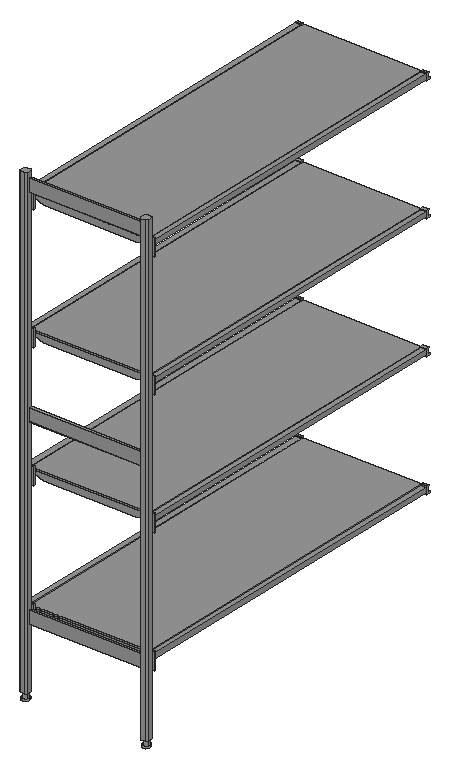
Revit family "QF_ZANUSSI_137076_CLS1272", category Attrezzature speciali, Revit 2020
Family settings
  Quota connettore circolare = Usa diametro
  Tipo di parte = Normale
  Basato su piano di lavoro = No
  Sempre verticale = Sì
  Taglio con vuoti quando caricato = No
  Condiviso = No
  Punto di calcolo locali = No
Parameters (values of type "Standard")
  Weight = 22.00 kg
  Watts = 0 W
  Volts = 0 V
  URL Manufacturer = "http://www.zanussiprofessional.com"
  URL = "http://www.zanussiprofessional.com"
  Steam Supply Size = 0 mm
  Steam Supply Minimum Pressure = 0.0 Pa
  Steam Supply Maximum Pressure = 0.0 Pa
  Steam Consumption per Hour = 0
  Refrigeration Suction Line Size = 0.0 mm
  Refrigeration Liquid Line Size = 0.0 mm
  Refrigerant Compressor Remote = yes
  Prospetto di default = 0.0 mm
  Phase = 0
  Modello = "CLS1272"
  Produttore = "Zanussi"
  Length Actual = 1276.0 mm  # constant formula
  Item Number = "137076"
  Hot Water Size = 0 mm
  Height Actual = 1700.0 mm  # constant formula
  HP = "0 HP"
  Gas Size = 0 mm
  Gas KW = 0
  Gas Input Pressure = 0 W
  Direct Waste Size = 0 mm
  Descrizione = "ALUM.CORNER SHELV.-POLY.TIERS-475X1276MM"
  Depth Actual = 475.0 mm  # constant formula
  Cycle = 0 Hz
  Condensate Return Size = 0 mm
  Compressed Air Volume = 0.0 L/s
  Compressed Air Size = 0 mm
  Compressed Air Pressure = 0.0 Pa
  Cold Water Size = 0 mm
  Accessory = yes
Reference planes
  plane 1: z = 0
  plane 2 "Center (F/B)": y = -163.5
  plane 3 "Front": y = -549.5
  plane 4 "Left": x = -217.5
  plane 5 "Right": x = 257.5
  plane 6 "TOP": z = 1700
  plane 7: y = -517.5
  plane 8: y = 722.5
  plane 9 "Center (Left/Right)": x = 20
  plane 10: y = 717.5
  plane 11: x = -186
  plane 12: x = 226
  plane 13 "FEET": z = 25
  plane 14: z = 275
  plane 15: z = 725
  plane 16: z = 1175
  plane 17: z = 1625
  plane 18 "CXLeft": y = -535.5
  plane 19: x = -200
  plane 20 "CYBack": x = -200
  plane 21 "CYFront": x = 138
  plane 22 "Back": y = 726.5
  plane 23 "LEFT_ORIGIN": x = -251.5
  plane 24 "BACK_Origin": y = 1201.5
Forms (mm)
  Extrusion 1, solid, material "QF_Aluminum"
    sketch origin (0, -549.5, 0) x (-1, 0, 0) y (0, 0, 1)
      loop
        line (198.5, 1650.994) -> (198.5, 1632.998) -> (217.5, 1632.998) -> (217.5, 1650.994) -> (198.5, 1650.994)
      loop
        line (-238.5, 1650.994) -> (-257.5, 1650.994) -> (-257.5, 1632.998) -> (-238.5, 1632.998) -> (-238.5, 1650.994)
      loop
        line (198.5, 1200.994) -> (198.5, 1182.998) -> (217.5, 1182.998) -> (217.5, 1200.994) -> (198.5, 1200.994)
      loop
        line (-238.522, 1200.994) -> (-257.5, 1200.994) -> (-257.5, 1182.998) -> (-238.522, 1182.998) -> (-238.522, 1200.994)
      loop
        line (198.5, 750.994) -> (198.5, 732.998) -> (217.5, 732.998) -> (217.5, 750.994) -> (198.5, 750.994)
      loop
        line (-238.522, 750.994) -> (-257.5, 750.994) -> (-257.5, 732.998) -> (-238.522, 732.998) -> (-238.522, 750.994)
      loop
        line (198.5, 300.994) -> (198.5, 282.998) -> (217.5, 282.998) -> (217.5, 300.994) -> (198.5, 300.994)
      loop
        line (-238.522, 300.994) -> (-257.5, 300.994) -> (-257.5, 282.998) -> (-238.522, 282.998) -> (-238.522, 300.994)
    from 32 to 1272
  Extrusion 2, solid, material "QF_Polyethylene"
    sketch origin (0, -549.5, 0) x (-1, 0, 0) y (0, 0, 1)
      loop
        line (196.507, 1650.994) -> (-236.522, 1650.994) -> (-236.522, 1644.496) -> (196.507, 1644.496) -> (196.507, 1650.994)
      loop
        line (196.507, 1200.994) -> (-236.522, 1200.994) -> (-236.522, 1194.496) -> (196.507, 1194.496) -> (196.507, 1200.994)
      loop
        line (196.507, 750.994) -> (-236.522, 750.994) -> (-236.522, 744.496) -> (196.507, 744.496) -> (196.507, 750.994)
      loop
        line (196.507, 300.994) -> (-236.522, 300.994) -> (-236.522, 294.496) -> (196.507, 294.496) -> (196.507, 300.994)
    from 32 to 1272
Lines and regions (mm)
  symbolic lines
    curve 1: line (-198.5, 722.5, 1700) -> (-198.5, -517.5, 1700)
    curve 2: line (-217.5, -521.5, 1700) -> (-217.5, 722.5, 1700)
    curve 3: line (257.5, -521.5, 1700) -> (257.5, 722.5, 1700)
    curve 4: line (-181.507, -517.5, 1700) -> (221.507, -517.5, 1700)
    curve 5: line (238.522, -517.5, 1700) -> (238.522, 722.5, 1700)
    curve 6: line (-198.5, 722.5, 1700) -> (238.522, 722.5, 1700)
Dimensions and locks
  plane 3 "Front" to plane 2 "Center (F/B)" = 386.0 mm
  locked: plane 6 "TOP" to level at 1700
  locked: plane 4 "Left" to plane 5 "Right" at 475
  locked: plane 7 to plane 8 at 1240
  locked: plane 3 "Front" to plane 7 at 32
  plane 10 to plane 8 = 5.0 mm
  locked: plane 11 to plane 12 at 412
  equal spacing: plane 11, plane 9 "Center (Left/Right)", plane 12
  equal spacing: plane 4 "Left", plane 9 "Center (Left/Right)", plane 5 "Right"
  plane 13 "FEET" to level = 25.0 mm
  plane 6 "TOP" to plane 13 "FEET" = 1675.0 mm
  plane 14 to plane 13 "FEET" = 250.0 mm
  plane 15 to plane 14 = 450.0 mm
  plane 16 to plane 15 = 450.0 mm
  plane 17 to plane 16 = 450.0 mm
  locked: plane 3 "Front" to plane 18 "CXLeft" at 14
  locked: plane 3 "Front" to plane 22 "Back" at 1276
  plane 23 "LEFT_ORIGIN" to plane 5 "Right" = 509.0 mm
  locked: plane 22 "Back" to plane 24 "BACK_Origin" at 475
  aligned and locked: level to plane 1
  aligned and locked: Extrusion 2 to plane 7
  aligned and locked: plane 8 to Extrusion 2
  aligned and locked: Extrusion 1 to plane 7
  aligned and locked: plane 8 to Extrusion 1
  aligned and locked: Extrusion 1 sketch curve to Extrusion 1 sketch curve  (x2)
  aligned and locked: plane 18 "CXLeft" to nested 1
  aligned and locked: nested 2 to plane 10
Automatic sketch dimensions
  curve 2 to plane 4 "Left" = 0.0 mm
  curve 3 to plane 5 "Right" = 0.0 mm
  plane 7 to curve 1 = 0.0 mm
  plane 7 to curve 4 = 0.0 mm
  plane 7 to curve 5 = 0.0 mm
  plane 8 to curve 2 = 0.0 mm
  plane 8 to curve 1 = 0.0 mm
  plane 8 to curve 3 = 0.0 mm
  curve 5 to plane 21 "CYFront" = 100.522 mm
  plane 19 to curve 6 = 1.5 mm
  plane 7 to curve 3 = 4.0 mm
  plane 7 to curve 2 = 4.0 mm
  plane 12 to curve 4 = 4.493 mm
  curve 4 to plane 11 = 4.493 mm
  plane 5 "Right" to Extrusion 1 sketch curve = 0.0 mm  (x4)
  plane 4 "Left" to Extrusion 1 sketch curve = 0.0 mm  (x4)
  Extrusion 1 sketch curve to plane 21 "CYFront" = 100.522 mm
  Extrusion 1 sketch curve to plane 21 "CYFront" = 100.5 mm
  plane 19 to Extrusion 1 sketch curve = 1.5 mm  (x4)
  plane 14 to Extrusion 1 sketch curve = 7.998 mm  (x2)
  Extrusion 1 sketch curve to Extrusion 1 sketch curve = 17.997 mm  (x8)
  plane 15 to Extrusion 1 sketch curve = 7.998 mm  (x2)
  plane 16 to Extrusion 1 sketch curve = 7.998 mm  (x2)
  plane 17 to Extrusion 1 sketch curve = 7.998 mm  (x2)
  Extrusion 2 sketch curve to plane 21 "CYFront" = 98.522 mm  (x4)
  plane 19 to Extrusion 2 sketch curve = 3.493 mm  (x4)
  plane 14 to Extrusion 2 sketch curve = 19.496 mm
  Extrusion 2 sketch curve to Extrusion 2 sketch curve = 6.499 mm  (x4)
  plane 15 to Extrusion 2 sketch curve = 19.496 mm
  plane 16 to Extrusion 2 sketch curve = 19.496 mm
  plane 17 to Extrusion 2 sketch curve = 19.496 mm
Nested families
  nested 1: "WT_Anta475" at (-194.5, -132.5, 0) x (0, 1, 0) z (0, 0, 1), type "WT_Anta475"
  nested 2: "WT_Aggancio475" at (-194.5, 1134.5, 0) x (0, 1, 0) z (0, 0, 1), type "WT_Aggancio475"
Definition of nested family "WT_Anta475"
  Parameters
    WidthLeft = A + 64.0 mm  # 772.0 mm
    Width = 1606.0 mm
    Right = WidthLeft / 2  # 386.0 mm
    Default Elevation = 0.0 mm
    Left = -WidthLeft / 2  # -386.0 mm
    Height = 1725.0 mm
    FEET = 25.0 mm
    E = 0.0 mm
    Dint = Depth - 63.0 mm  # 412.0 mm
    Dext = Depth - 8.0 mm  # 467.0 mm
    Depth = 475.0 mm
    DX = (WidthLeft - A) / 2  # 32.0 mm
    B = 798.0 mm
    A = 708.0 mm
  Reference planes
    plane 1: z = 0
    plane 2 "LEFT": x = -417
    plane 3 "BACK": y = 23
    plane 4 "FRONT": y = -452
    plane 5 "TOP": z = 1725
    plane 6 "Center (Front/Back)": y = -214.5
    plane 7: y = -8.5
    plane 8: y = -420.5
    plane 9 "FEET": z = 25
    plane 10: z = 275
    plane 11: z = 725
    plane 12: z = 1175
    plane 13: z = 1625
    plane 14 "CXLeft": x = -403
    plane 15: y = 5.5
    plane 16 "CYBack": y = 5.5
    plane 17 "CYFront": y = -434.5
    plane 18: x = -385.031
    plane 19: x = -380.031
  Forms (mm)
    Extrusion 1, solid
      sketch origin (0, 0, 0) x (1, 0, 0) y (0, 1, 0)
        loop
          line (-417, 13.246) -> (-417, -2.246) -> (-410.746, -8.5) -> (-395.254, -8.5) -> (-389, -2.246) -> (-389, 13.246) -> (-395.254, 19.5) -> (-410.746, 19.5) -> (-417, 13.246)
      from 1725 to 25
    Extrusion 2, solid
      sketch origin (-417, 0, 0) x (0, 1, 0) y (0, 0, 1)
        loop
          line (23, 246.005) -> (23, 307.993) -> (-12.993, 307.993) -> (-12.993, 246.005) -> (23, 246.005)
        loop
          line (-452, 246.005) -> (-416.007, 246.005) -> (-416.007, 307.993) -> (-452, 307.993) -> (-452, 246.005)
        loop
          line (23, 696.005) -> (23, 757.993) -> (-12.993, 757.993) -> (-12.993, 696.005) -> (23, 696.005)
        loop
          line (-452, 696.005) -> (-416.007, 696.005) -> (-416.007, 757.993) -> (-452, 757.993) -> (-452, 696.005)
        loop
          line (23, 1146.005) -> (23, 1207.993) -> (-12.993, 1207.993) -> (-12.993, 1146.005) -> (23, 1146.005)
        loop
          line (-452, 1146.005) -> (-416.007, 1146.005) -> (-416.007, 1207.993) -> (-452, 1207.993) -> (-452, 1146.005)
        loop
          line (23, 1596.005) -> (23, 1657.993) -> (-12.993, 1657.993) -> (-12.993, 1596.005) -> (23, 1596.005)
        loop
          line (-452, 1596.005) -> (-416.007, 1596.005) -> (-416.007, 1657.993) -> (-452, 1657.993) -> (-452, 1596.005)
      from 28 to 32
    Revolve 3, solid
      sketch origin (-403, 0, 0) x (0, 1, 0) y (0, 0, 1)
        loop
          line (5.5, 25) -> (5.5, 0) -> (19, 0) -> (19, 5) -> (14, 5) -> (14, 25) -> (5.5, 25)
        axis (5.5, 25) -> (5.5, 0)
      angle from 0 to 360
    Extrusion 4, solid
      sketch origin (-403, 0, 0) x (0, 1, 0) y (0, 0, 1)
        loop
          line (-8.5, 912.382) -> (-8.5, 957.374) -> (-420.5, 957.374) -> (-420.5, 912.382) -> (-8.5, 912.382)
        loop
          line (-8.5, 1662.244) -> (-8.5, 1707.236) -> (-420.5, 1707.236) -> (-420.5, 1662.244) -> (-8.5, 1662.244)
      from -5 to 5
    Revolve 5, solid
      sketch origin (-403, -627, 0) x (0, -1, 0) y (0, 0, 1)
        loop
          line (-192.5, 25) -> (-192.5, 0) -> (-179, 0) -> (-179, 5) -> (-184, 5) -> (-184, 25) -> (-192.5, 25)
        axis (-192.5, 25) -> (-192.5, 0)
      angle from 0 to 360
    Extrusion 6, solid
      sketch origin (0, -627, 0) x (1, 0, 0) y (0, 1, 0)
        loop
          line (-417, 184.754) -> (-410.746, 178.5) -> (-395.254, 178.5) -> (-389, 184.754) -> (-389, 200.246) -> (-395.254, 206.5) -> (-410.746, 206.5) -> (-417, 200.246) -> (-417, 184.754)
      from 1725 to 25
    Extrusion 7, solid
      sketch origin (-417.031, -0.022, 0) x (0, 1, 0) y (0, 0, -1)
        loop
          line (-12, -1632.998) -> (-46, -1620.994) -> (-383, -1620.994) -> (-417, -1632.998) -> (-433, -1632.998) -> (-433, -1650.994) -> (-431, -1650.994) -> (-431, -1644.496) -> (2.007, -1644.496) -> (2.007, -1650.994) -> (4, -1650.994) -> (4, -1632.998) -> (-12, -1632.998)
        loop
          line (-12, -1182.998) -> (-46, -1170.994) -> (-383, -1170.994) -> (-417, -1182.998) -> (-433, -1182.998) -> (-433, -1200.994) -> (-431, -1200.994) -> (-431, -1194.496) -> (2.007, -1194.496) -> (2.007, -1200.994) -> (4, -1200.994) -> (4, -1182.998) -> (-12, -1182.998)
        loop
          line (-12, -732.998) -> (-46, -720.994) -> (-383, -720.994) -> (-417, -732.998) -> (-433, -732.998) -> (-433, -750.994) -> (-431, -750.994) -> (-431, -744.496) -> (2.007, -744.496) -> (2.007, -750.994) -> (4, -750.994) -> (4, -732.998) -> (-12, -732.998)
        loop
          line (-12, -282.998) -> (-46, -270.994) -> (-383, -270.994) -> (-417, -282.998) -> (-433, -282.998) -> (-433, -300.994) -> (-431, -300.994) -> (-431, -294.496) -> (2.007, -294.496) -> (2.007, -300.994) -> (4, -300.994) -> (4, -282.998) -> (-12, -282.998)
      from -32 to -37
    Extrusion 8, solid
      sketch origin (-403, 0, -659.878) x (0, 1, 0) y (0, 0, 1)
        loop
          line (-8.5, 912.382) -> (-8.5, 957.374) -> (-420.5, 957.374) -> (-420.5, 912.382) -> (-8.5, 912.382)
        loop
          line (-8.5, 1572.382) -> (-8.5, 1617.374) -> (-420.5, 1617.374) -> (-420.5, 1572.382) -> (-8.5, 1572.382)
        loop
          line (-8.5, 2322.382) -> (-8.5, 2367.374) -> (-420.5, 2367.374) -> (-420.5, 2322.382) -> (-8.5, 2322.382)
      from -5 to 5
  Lines and regions (mm)
    symbolic lines
      curve 1: line (-408, -8.5, 1725) -> (-408, -420.5, 1725)
      curve 2: line (-398, -420.5, 1725) -> (-398, -8.5, 1725)
      curve 3: line (-395.254, -8.5, 1725) -> (-410.746, -8.5, 1725)
      curve 4: line (-417, -2.246, 1725) -> (-410.746, -8.5, 1725)
      curve 5: line (-417, 13.246, 1725) -> (-417, -2.246, 1725)
      curve 6: line (-410.746, 19.5, 1725) -> (-417, 13.246, 1725)
      curve 7: line (-395.254, 19.5, 1725) -> (-410.746, 19.5, 1725)
      curve 8: line (-389, 13.246, 1725) -> (-395.254, 19.5, 1725)
      curve 9: line (-395.254, -8.5, 1725) -> (-389, -2.246, 1725)
      curve 10: line (-395.254, -420.5, 1725) -> (-410.746, -420.5, 1725)
      curve 11: line (-417, -426.754, 1725) -> (-410.746, -420.5, 1725)
      curve 12: line (-410.746, -448.5, 1725) -> (-417, -442.246, 1725)
      curve 13: line (-395.254, -448.5, 1725) -> (-410.746, -448.5, 1725)
      curve 14: line (-389, -442.246, 1725) -> (-395.254, -448.5, 1725)
      curve 15: line (-395.254, -420.5, 1725) -> (-389, -426.754, 1725)
      curve 16: line (-389, -452, 1725) -> (-389, -416.007, 1725)
      curve 17: line (-389, -416.007, 1725) -> (-385, -416.007, 1725)
      curve 18: line (-389, 23, 1725) -> (-389, -12.993, 1725)
      curve 19: line (-389, -12.993, 1725) -> (-385, -12.993, 1725)
      curve 20: line (-417, -426.754, 1725) -> (-417, -442.246, 1725)
      curve 21: line (-385, -452, 1725) -> (-385, -416.007, 1725)
      curve 22: line (-385, -452, 1725) -> (-389, -452, 1725)
      curve 23: line (-385, 23, 1725) -> (-389, 23, 1725)
      curve 24: line (-385, -12.993, 1725) -> (-385, 23, 1725)
      curve 25: line (-385.031, -13.016, 1725) -> (-385.031, -416.029, 1725)
  Dimensions and locks
    "Height": plane 5 "TOP" to level
    "Depth": plane 3 "BACK" to plane 4 "FRONT"
    "Dint": plane 7 to plane 8
    equal spacing: plane 7, plane 6 "Center (Front/Back)", plane 8
    equal spacing: plane 3 "BACK", plane 6 "Center (Front/Back)", plane 4 "FRONT"
    plane 9 "FEET" to level = 25.0 mm
    plane 5 "TOP" to plane 9 "FEET" = 1700.0 mm
    plane 10 to plane 9 "FEET" = 250.0 mm
    plane 11 to plane 10 = 450.0 mm
    plane 12 to plane 11 = 450.0 mm
    plane 13 to plane 12 = 450.0 mm
    locked: plane 2 "LEFT" to plane 14 "CXLeft" at 14
    locked: plane 3 "BACK" to plane 16 "CYBack" at 17.5
    locked: plane 17 "CYFront" to plane 4 "FRONT" at 17.5
    locked: Revolve 3 sketch curve to Revolve 3 sketch curve at 8.5
    locked: Revolve 3 sketch curve to plane 16 "CYBack" at 13.5
    locked: Revolve 5 sketch curve to Revolve 5 sketch curve at 8.5
    aligned and locked: level to plane 1
    aligned and locked: curve 20 to Extrusion 6
    aligned and locked: plane 5 "TOP" to Extrusion 1
    aligned and locked: plane 5 "TOP" to Extrusion 6
    aligned and locked: Extrusion 7 sketch curve to Extrusion 7 sketch curve  (x3)
  Automatic sketch dimensions
    curve 16 to plane 4 "FRONT" = 0.0 mm
    curve 11 to plane 8 = 0.0 mm
    curve 9 to plane 7 = 0.0 mm
    curve 5 to plane 2 "LEFT" = 0.0 mm
    curve 23 to plane 3 "BACK" = 0.0 mm
    plane 4 "FRONT" to curve 13 = 3.5 mm
    curve 20 to plane 17 "CYFront" = 7.746 mm
    curve 20 to plane 8 = 6.254 mm
    plane 8 to curve 16 = 4.493 mm
    curve 24 to plane 18 = 0.031 mm
    curve 24 to plane 7 = 4.493 mm
    plane 7 to curve 5 = 6.254 mm
    curve 5 to plane 15 = 7.746 mm
    curve 6 to plane 3 "BACK" = 3.5 mm
    curve 21 to plane 18 = 0.031 mm
    plane 18 to curve 23 = 3.969 mm
    plane 18 to curve 16 = 3.969 mm
    curve 18 to curve 8 = 6.254 mm
    curve 18 to curve 3 = 6.254 mm
    curve 16 to curve 13 = 6.254 mm
    curve 16 to curve 15 = 6.254 mm
    plane 2 "LEFT" to curve 10 = 6.254 mm
    plane 2 "LEFT" to curve 7 = 6.254 mm
    plane 2 "LEFT" to curve 12 = 6.254 mm
    plane 2 "LEFT" to curve 3 = 6.254 mm
    curve 14 to plane 17 "CYFront" = 7.746 mm
    curve 15 to plane 8 = 6.254 mm
    plane 7 to curve 9 = 6.254 mm
    curve 8 to plane 15 = 7.746 mm
    curve 3 to curve 2 = 2.746 mm
    curve 1 to curve 10 = 2.746 mm
    Extrusion 1 sketch curve to plane 2 "LEFT" = 0.0 mm
    Extrusion 1 sketch curve to plane 7 = 0.0 mm
    plane 2 "LEFT" to Extrusion 1 sketch curve = 6.254 mm  (x2)
    plane 14 "CXLeft" to Extrusion 1 sketch curve = 7.746 mm  (x2)
    Extrusion 1 sketch curve to plane 3 "BACK" = 3.5 mm
    plane 18 to Extrusion 1 sketch curve = 3.969 mm
    plane 7 to Extrusion 1 sketch curve = 6.254 mm  (x2)
    Extrusion 1 sketch curve to plane 15 = 7.746 mm  (x2)
    Extrusion 2 sketch curve to plane 4 "FRONT" = 0.0 mm  (x4)
    Extrusion 2 sketch curve to plane 3 "BACK" = 0.0 mm  (x4)
    plane 8 to Extrusion 2 sketch curve = 4.493 mm  (x4)
    Extrusion 2 sketch curve to plane 7 = 4.493 mm  (x4)
    Extrusion 2 sketch curve to plane 10 = 28.995 mm  (x2)
    plane 10 to Extrusion 2 sketch curve = 32.993 mm  (x2)
    Extrusion 2 sketch curve to plane 11 = 28.995 mm  (x2)
    plane 11 to Extrusion 2 sketch curve = 32.993 mm  (x2)
    Extrusion 2 sketch curve to plane 12 = 28.995 mm  (x2)
    plane 12 to Extrusion 2 sketch curve = 32.993 mm  (x2)
    Extrusion 2 sketch curve to plane 13 = 28.995 mm  (x2)
    plane 13 to Extrusion 2 sketch curve = 32.993 mm  (x2)
    Revolve 3 sketch curve to plane 9 "FEET" = 0.0 mm  (x2)
    Revolve 3 sketch curve to plane 15 = 0.0 mm  (x2)
    Revolve 3 sketch curve to level = 0.0 mm
    level to Revolve 3 sketch curve = 5.0 mm
    Revolve 3 sketch curve to Revolve 3 sketch curve = 11.655 mm
    Extrusion 4 sketch curve to plane 8 = 0.0 mm  (x2)
    Extrusion 4 sketch curve to plane 7 = 0.0 mm  (x2)
    plane 11 to Extrusion 4 sketch curve = 187.382 mm
    Extrusion 4 sketch curve to Extrusion 4 sketch curve = 44.992 mm
    plane 13 to Extrusion 4 sketch curve = 37.244 mm
    Extrusion 4 sketch curve to plane 5 "TOP" = 17.764 mm
    Revolve 5 sketch curve to plane 9 "FEET" = 0.0 mm  (x2)
    Revolve 5 sketch curve to plane 17 "CYFront" = 0.0 mm  (x2)
    Revolve 5 sketch curve to level = 0.0 mm
    Revolve 5 sketch curve to plane 4 "FRONT" = 4.0 mm
    Revolve 5 sketch curve to Revolve 5 sketch curve = 5.0 mm
    level to Revolve 5 sketch curve = 11.655 mm
    Extrusion 6 sketch curve to plane 2 "LEFT" = 0.0 mm
    Extrusion 6 sketch curve to plane 8 = 0.0 mm
    Extrusion 6 sketch curve to plane 2 "LEFT" = 6.254 mm  (x2)
    Extrusion 6 sketch curve to plane 14 "CXLeft" = 7.746 mm  (x2)
    Extrusion 6 sketch curve to plane 4 "FRONT" = 3.5 mm
    Extrusion 6 sketch curve to plane 18 = 3.969 mm
    plane 8 to Extrusion 6 sketch curve = 6.254 mm  (x2)
    plane 17 "CYFront" to Extrusion 6 sketch curve = 7.746 mm  (x2)
    plane 17 "CYFront" to Extrusion 7 sketch curve = 1.478 mm  (x4)
    Extrusion 7 sketch curve to Extrusion 7 sketch curve = 2.0 mm
    plane 8 to Extrusion 7 sketch curve = 3.478 mm  (x4)
    Extrusion 7 sketch curve to plane 10 = 4.006 mm
    Extrusion 7 sketch curve to Extrusion 7 sketch curve = 34.0 mm  (x4)
    Extrusion 7 sketch curve to plane 11 = 4.006 mm
    Extrusion 7 sketch curve to plane 12 = 4.006 mm
    Extrusion 7 sketch curve to plane 13 = 4.006 mm
    Extrusion 7 sketch curve to plane 7 = 37.522 mm  (x4)
    Extrusion 7 sketch curve to plane 7 = 3.522 mm  (x4)
    plane 15 to Extrusion 7 sketch curve = 3.516 mm  (x4)
    plane 15 to Extrusion 7 sketch curve = 1.522 mm  (x4)
    plane 13 to Extrusion 7 sketch curve = 7.998 mm  (x2)
    Extrusion 7 sketch curve to Extrusion 7 sketch curve = 11.498 mm
    Extrusion 7 sketch curve to Extrusion 7 sketch curve = 6.499 mm  (x5)
    plane 12 to Extrusion 7 sketch curve = 25.994 mm  (x2)
    plane 12 to Extrusion 7 sketch curve = 7.998 mm  (x2)
    plane 11 to Extrusion 7 sketch curve = 25.994 mm  (x2)
    plane 11 to Extrusion 7 sketch curve = 7.998 mm  (x2)
    plane 10 to Extrusion 7 sketch curve = 25.994 mm  (x2)
    plane 10 to Extrusion 7 sketch curve = 7.998 mm  (x2)
    curve 25 to plane 18 = 0.0 mm
    plane 8 to curve 25 = 4.471 mm
    curve 25 to plane 7 = 4.516 mm
    Extrusion 8 sketch curve to plane 8 = 0.0 mm  (x3)
    Extrusion 8 sketch curve to plane 7 = 0.0 mm  (x3)
    Extrusion 8 sketch curve to plane 10 = 22.496 mm
    plane 10 to Extrusion 8 sketch curve = 22.496 mm
    plane 11 to Extrusion 8 sketch curve = 187.504 mm
    Extrusion 8 sketch curve to Extrusion 8 sketch curve = 44.992 mm
    plane 13 to Extrusion 8 sketch curve = 37.504 mm
    Extrusion 8 sketch curve to plane 5 "TOP" = 17.504 mm
Definition of nested family "WT_Aggancio475"
  Parameters
    WidthLeft = A + 64.0 mm  # 772.0 mm
    Width = 1606.0 mm
    Right = WidthLeft / 2  # 386.0 mm
    Default Elevation = 0.0 mm
    Left = -WidthLeft / 2  # -386.0 mm
    Height = 1725.0 mm
    FEET = 25.0 mm
    E = 0.0 mm
    Dint = Depth - 63.0 mm  # 412.0 mm
    Dext = Depth - 8.0 mm  # 467.0 mm
    Depth = 475.0 mm
    DX = (WidthLeft - A) / 2  # 32.0 mm
    B = 798.0 mm
    A = 708.0 mm
  Reference planes
    plane 1: z = 0
    plane 2 "LEFT": x = -417
    plane 3 "BACK": y = 23
    plane 4 "FRONT": y = -452
    plane 5 "TOP": z = 1725
    plane 6 "Center (Front/Back)": y = -214.5
    plane 7: y = -8.5
    plane 8: y = -420.5
    plane 9 "FEET": z = 25
    plane 10: z = 275
    plane 11: z = 725
    plane 12: z = 1175
    plane 13: z = 1625
    plane 14: y = 5.5
    plane 15 "CYBack": y = 5.5
    plane 16 "CYFront": y = -434.5
  Forms (mm)
    Extrusion 1, solid
      sketch origin (-380, -0.022, 0) x (0, 1, 0) y (0, 0, 1)
        loop
          line (-12, 1632.998) -> (4, 1632.998) -> (4, 1650.994) -> (2.007, 1650.994) -> (2.007, 1644.496) -> (-431, 1644.496) -> (-431, 1650.994) -> (-433, 1650.994) -> (-433, 1632.998) -> (-417, 1632.998) -> (-383, 1620.994) -> (-46, 1620.994) -> (-12, 1632.998)
        loop
          line (-12, 1182.998) -> (4, 1182.998) -> (4, 1200.994) -> (2.007, 1200.994) -> (2.007, 1194.496) -> (-431, 1194.496) -> (-431, 1200.994) -> (-433, 1200.994) -> (-433, 1182.998) -> (-417, 1182.998) -> (-383, 1170.994) -> (-46, 1170.994) -> (-12, 1182.998)
        loop
          line (-12, 732.998) -> (4, 732.998) -> (4, 750.994) -> (2.007, 750.994) -> (2.007, 744.496) -> (-431, 744.496) -> (-431, 750.994) -> (-433, 750.994) -> (-433, 732.998) -> (-417, 732.998) -> (-383, 720.994) -> (-46, 720.994) -> (-12, 732.998)
        loop
          line (-12, 282.998) -> (4, 282.998) -> (4, 300.994) -> (2.007, 300.994) -> (2.007, 294.496) -> (-431, 294.496) -> (-431, 300.994) -> (-433, 300.994) -> (-433, 282.998) -> (-417, 282.998) -> (-383, 270.994) -> (-46, 270.994) -> (-12, 282.998)
      from -32 to -37
    Extrusion 2, solid
      sketch origin (-793.062, -324.754, 6.5) x (1, 0, 0) y (0, 0, 1)
        loop
          line (385.062, 1644.496) -> (385.062, 1647.496) -> (376.062, 1647.496) -> (376.062, 1620.994) -> (390.031, 1620.994) -> (390.031, 1626.496) -> (381.062, 1626.496) -> (381.062, 1644.496) -> (385.062, 1644.496)
        loop
          line (385.062, 1194.496) -> (385.062, 1197.496) -> (376.062, 1197.496) -> (376.062, 1170.994) -> (390.031, 1170.994) -> (390.031, 1176.496) -> (381.062, 1176.496) -> (381.062, 1194.496) -> (385.062, 1194.496)
        loop
          line (385.062, 744.496) -> (385.062, 747.496) -> (376.062, 747.496) -> (376.062, 720.994) -> (390.031, 720.994) -> (390.031, 726.496) -> (381.062, 726.496) -> (381.062, 744.496) -> (385.062, 744.496)
        loop
          line (385.062, 294.496) -> (385.062, 297.496) -> (376.062, 297.496) -> (376.062, 270.994) -> (390.031, 270.994) -> (390.031, 276.496) -> (381.062, 276.496) -> (381.062, 294.496) -> (385.062, 294.496)
      from 108.268 to 127.246
    Extrusion 3, solid
      sketch origin (-793.062, 32.754, 6.5) x (1, 0, 0) y (0, 0, 1)
        loop
          line (385.062, 1644.496) -> (385.062, 1647.496) -> (376.062, 1647.496) -> (376.062, 1620.994) -> (390.031, 1620.994) -> (390.031, 1626.496) -> (381.062, 1626.496) -> (381.062, 1644.496) -> (385.062, 1644.496)
        loop
          line (385.062, 1194.496) -> (385.062, 1197.496) -> (376.062, 1197.496) -> (376.062, 1170.994) -> (390.031, 1170.994) -> (390.031, 1176.496) -> (381.062, 1176.496) -> (381.062, 1194.496) -> (385.062, 1194.496)
        loop
          line (385.062, 744.496) -> (385.062, 747.496) -> (376.062, 747.496) -> (376.062, 720.994) -> (390.031, 720.994) -> (390.031, 726.496) -> (381.062, 726.496) -> (381.062, 744.496) -> (385.062, 744.496)
        loop
          line (385.062, 294.496) -> (385.062, 297.496) -> (376.062, 297.496) -> (376.062, 270.994) -> (390.031, 270.994) -> (390.031, 276.496) -> (381.062, 276.496) -> (381.062, 294.496) -> (385.062, 294.496)
      from 9.754 to 28.776
  Lines and regions (mm)
    symbolic lines
      curve 1: line (-412, -452, 0) -> (-408, -452, 0)
      curve 2: line (-412, -433.022, 0) -> (-412, -452, 0)
      curve 3: line (-408, -433.022, 0) -> (-412, -433.022, 0)
      curve 4: line (-408, -452, 0) -> (-408, -433.022, 0)
      curve 5: line (-412, 3.978, 0) -> (-408, 3.978, 0)
      curve 6: line (-412, 23, 0) -> (-412, 3.978, 0)
      curve 7: line (-408, 23, 0) -> (-412, 23, 0)
      curve 8: line (-408, 3.978, 0) -> (-408, 23, 0)
  Dimensions and locks
    "Height": plane 5 "TOP" to level
    "Depth": plane 3 "BACK" to plane 4 "FRONT"
    "Dint": plane 7 to plane 8
    equal spacing: plane 7, plane 6 "Center (Front/Back)", plane 8
    equal spacing: plane 3 "BACK", plane 6 "Center (Front/Back)", plane 4 "FRONT"
    plane 9 "FEET" to level = 25.0 mm
    plane 5 "TOP" to plane 9 "FEET" = 1700.0 mm
    plane 10 to plane 9 "FEET" = 250.0 mm
    plane 11 to plane 10 = 450.0 mm
    plane 12 to plane 11 = 450.0 mm
    plane 13 to plane 12 = 450.0 mm
    locked: plane 3 "BACK" to plane 15 "CYBack" at 17.5
    locked: plane 16 "CYFront" to plane 4 "FRONT" at 17.5
    aligned and locked: level to plane 1
    aligned and locked: Extrusion 1 sketch curve to Extrusion 1 sketch curve  (x3)
  Automatic sketch dimensions
    plane 16 "CYFront" to Extrusion 1 sketch curve = 1.478 mm  (x4)
    Extrusion 1 sketch curve to Extrusion 1 sketch curve = 2.0 mm
    plane 8 to Extrusion 1 sketch curve = 3.478 mm  (x4)
    Extrusion 1 sketch curve to plane 10 = 4.006 mm
    Extrusion 1 sketch curve to Extrusion 1 sketch curve = 34.0 mm  (x4)
    Extrusion 1 sketch curve to plane 11 = 4.006 mm
    Extrusion 1 sketch curve to plane 12 = 4.006 mm
    Extrusion 1 sketch curve to plane 13 = 4.006 mm
    Extrusion 1 sketch curve to plane 7 = 37.522 mm  (x4)
    Extrusion 1 sketch curve to plane 7 = 3.522 mm  (x4)
    plane 14 to Extrusion 1 sketch curve = 3.516 mm  (x4)
    plane 14 to Extrusion 1 sketch curve = 1.522 mm  (x4)
    plane 10 to Extrusion 1 sketch curve = 7.998 mm  (x2)
    Extrusion 1 sketch curve to Extrusion 1 sketch curve = 11.498 mm  (x4)
    Extrusion 1 sketch curve to Extrusion 1 sketch curve = 6.499 mm  (x8)
    plane 11 to Extrusion 1 sketch curve = 7.998 mm  (x2)
    plane 12 to Extrusion 1 sketch curve = 7.998 mm  (x2)
    plane 13 to Extrusion 1 sketch curve = 7.998 mm  (x2)
    plane 2 "LEFT" to Extrusion 2 sketch curve = 0.0 mm  (x4)
    plane 13 to Extrusion 2 sketch curve = 7.996 mm
    plane 11 to Extrusion 2 sketch curve = 7.996 mm
    Extrusion 2 sketch curve to Extrusion 2 sketch curve = 5.0 mm  (x4)
    plane 11 to Extrusion 2 sketch curve = 2.494 mm
    plane 10 to Extrusion 2 sketch curve = 28.996 mm
    Extrusion 2 sketch curve to Extrusion 2 sketch curve = 3.0 mm  (x4)
    plane 10 to Extrusion 2 sketch curve = 7.996 mm
    plane 10 to Extrusion 2 sketch curve = 2.494 mm
    Extrusion 2 sketch curve to Extrusion 2 sketch curve = 18.0 mm  (x3)
    plane 12 to Extrusion 2 sketch curve = 2.494 mm
    plane 12 to Extrusion 2 sketch curve = 7.996 mm
    plane 13 to Extrusion 2 sketch curve = 2.494 mm
    plane 2 "LEFT" to Extrusion 3 sketch curve = 0.0 mm  (x4)
    plane 13 to Extrusion 3 sketch curve = 7.996 mm
    plane 11 to Extrusion 3 sketch curve = 7.996 mm
    Extrusion 3 sketch curve to Extrusion 3 sketch curve = 5.0 mm  (x4)
    plane 11 to Extrusion 3 sketch curve = 2.494 mm
    plane 10 to Extrusion 3 sketch curve = 28.996 mm
    Extrusion 3 sketch curve to Extrusion 3 sketch curve = 3.0 mm  (x4)
    plane 10 to Extrusion 3 sketch curve = 7.996 mm
    plane 10 to Extrusion 3 sketch curve = 2.494 mm
    Extrusion 3 sketch curve to Extrusion 3 sketch curve = 18.0 mm  (x3)
    plane 12 to Extrusion 3 sketch curve = 2.494 mm
    plane 12 to Extrusion 3 sketch curve = 7.996 mm
    plane 13 to Extrusion 3 sketch curve = 2.494 mm
    plane 2 "LEFT" to curve 1 = 5.0 mm
    plane 2 "LEFT" to curve 7 = 5.0 mm
    curve 1 to plane 16 "CYFront" = 17.5 mm
    curve 3 to plane 8 = 12.522 mm
    plane 7 to curve 5 = 12.478 mm
    curve 7 to plane 14 = 17.5 mm
    curve 5 to curve 5 = 4.0 mm
    curve 1 to curve 4 = 4.0 mm
    Extrusion 2 sketch curve to Extrusion 2 sketch curve = 4.0 mm  (x4)
    Extrusion 2 sketch curve to Extrusion 2 sketch curve = 8.969 mm  (x4)
    Extrusion 3 sketch curve to Extrusion 3 sketch curve = 4.0 mm  (x4)
    Extrusion 3 sketch curve to Extrusion 3 sketch curve = 8.969 mm  (x4)
